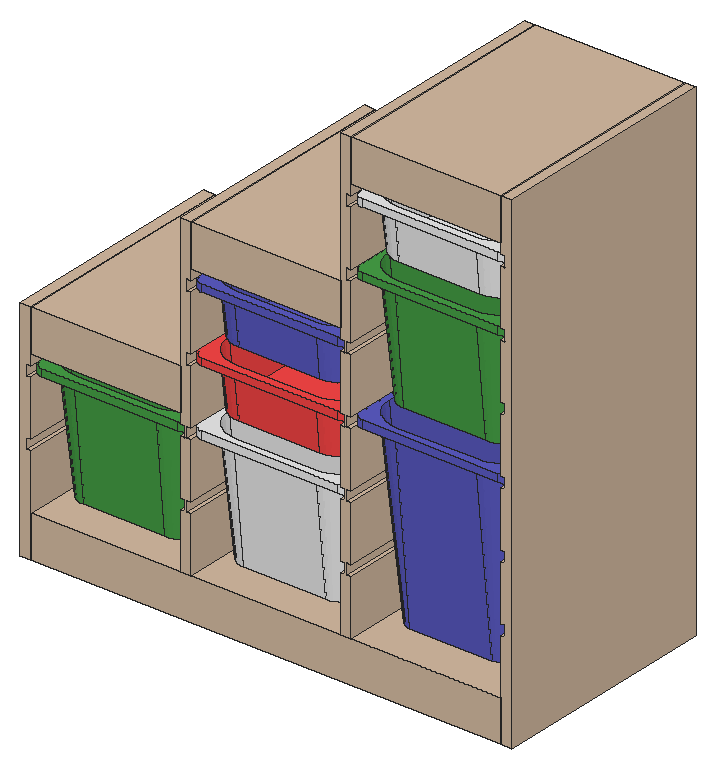
Revit family "TROFAST_StorageCombination-2(with boxes)", category Furniture, Revit 2013
Parameters
  IKEA_Wood-White = IKEA-Wood-1
Reference planes
  plane 1 "Center (Front/Back)": y = 0
  plane 2: z = 0
  plane 3 "Center (Left/Right)": x = 0
  plane 4: x = -470
  plane 5: x = 470
  plane 6: y = -440
  plane 7: z = 940
  plane 8: z = 840
  plane 9: z = 713.333
  plane 10: z = 586.667
  plane 11: z = 460
  plane 12: z = 333.333
  plane 13: z = 206.667
  plane 14: z = 80
  plane 15: x = -306.67
  plane 16: x = 306.67
  plane 17: y = -220
  plane 18: x = -163.34
  plane 19: x = 163.34
  plane 20: x = -450
  plane 21: x = 450
Forms (mm)
  Extrusion 1, solid, material "IKEA-Wood-1" <- "IKEA_Wood-White"
    sketch origin (0, 0, 0) x (1, 0, 0) y (0, 0, 1)
      loop
        line (470, 940) -> (450, 940) -> (450, 0) -> (470, 0) -> (470, 940)
    from 0 to 440
  Extrusion 2, solid, material "IKEA-Wood-1" <- "IKEA_Wood-White"
    sketch origin (0, 0, 0) x (-1, 0, 0) y (0, 0, -1)
      loop
        line (470, -433.333) -> (470, 0) -> (450, 0) -> (450, -433.333) -> (470, -433.333)
    from 0 to 440
  Extrusion 3, solid, material "IKEA-Wood-1" <- "IKEA_Wood-White"
    sketch origin (336.66, 0, 0) x (-1, 0, 0) y (0, 0, -1)
      loop
        line (500, -686.667) -> (500, -80) -> (480, -80) -> (480, -686.667) -> (500, -686.667)
    from 0 to 440
  Extrusion 4, solid, material "IKEA-Wood-1" <- "IKEA_Wood-White"
    sketch origin (648.34, 0, 0) x (-1, 0, 0) y (0, 0, -1)
      loop
        line (505, -940) -> (505, -80) -> (485, -80) -> (485, -940) -> (505, -940)
    from 0 to 440
  Extrusion 5, solid, material "IKEA-Wood-1" <- "IKEA_Wood-White"
    sketch origin (-40, 0, 0) x (1, 0, 0) y (0, 0, 1)
      loop
        line (203.34, 940) -> (203.34, 920) -> (490, 920) -> (490, 940) -> (203.34, 940)
    from 0 to 440
  Extrusion 6, solid, material "IKEA-Wood-1" <- "IKEA_Wood-White"
    sketch origin (-40, 0, -860) x (1, 0, 0) y (0, 0, 1)
      loop
        line (-410, 940) -> (-410, 920) -> (490, 920) -> (490, 940) -> (-410, 940)
    from 0 to 440
  Extrusion 7, solid, material "IKEA-Wood-1" <- "IKEA_Wood-White"
    sketch origin (0, -440, 0) x (-1, 0, 0) y (0, 0, -1)
      loop
        line (450, -60) -> (450, 0) -> (-450, 0) -> (-450, -60) -> (450, -60)
    from 0 to -20
  Extrusion 8, solid, material "IKEA-Wood-1" <- "IKEA_Wood-White"
    sketch origin (0, -440, 1366.667) x (-1, 0, 0) y (0, 0, -1)
      loop
        line (-163.34, 446.667) -> (-163.34, 506.667) -> (-450, 506.667) -> (-450, 446.667) -> (-163.34, 446.667)
    from 0 to -20
  Extrusion 9, solid, material "IKEA-Wood-1" <- "IKEA_Wood-White"
    sketch origin (-366.68, 0, -253.333) x (1, 0, 0) y (0, 0, 1)
      loop
        line (223.34, 940) -> (223.34, 920) -> (510.02, 920) -> (510.02, 940) -> (223.34, 940)
    from 0 to 440
  Extrusion 10, solid, material "IKEA-Wood-1" <- "IKEA_Wood-White"
    sketch origin (-326.68, -440, 1113.333) x (-1, 0, 0) y (0, 0, -1)
      loop
        line (-183.34, 446.667) -> (-183.34, 506.667) -> (-470.04, 506.667) -> (-470.04, 446.667) -> (-183.34, 446.667)
    from 0 to -20
  Extrusion 11, solid, material "IKEA-Wood-1" <- "IKEA_Wood-White"
    sketch origin (-693.34, 0, -506.667) x (1, 0, 0) y (0, 0, 1)
      loop
        line (243.34, 940) -> (243.34, 920) -> (530, 920) -> (530, 940) -> (243.34, 940)
    from 0 to 440
  Extrusion 12, solid, material "IKEA-Wood-1" <- "IKEA_Wood-White"
    sketch origin (-653.34, -440, 353.333) x (-1, 0, 0) y (0, 0, -1)
      loop
        line (-203.34, -60) -> (-203.34, 0) -> (-490, 0) -> (-490, -60) -> (-203.34, -60)
    from 0 to -20
  Extrusion 13, void
    sketch origin (0, 0, -126.667) x (1, 0, 0) y (0, 0, 1)
      loop
        line (-458, 333.333) -> (-458, 313.333) -> (-450, 313.333) -> (-450, 333.333) -> (-458, 333.333)
    from 0 to 440
  Extrusion 14, void
    sketch origin (0, 0, 0) x (1, 0, 0) y (0, 0, 1)
      loop
        line (-458, 333.333) -> (-458, 313.333) -> (-450, 313.333) -> (-450, 333.333) -> (-458, 333.333)
    from 0 to 440
  Extrusion 15, void
    sketch origin (301.66, 0, -126.667) x (1, 0, 0) y (0, 0, 1)
      loop
        line (-453, 333.333) -> (-453, 313.333) -> (-445, 313.333) -> (-445, 333.333) -> (-453, 333.333)
    from 0 to 440
  Extrusion 16, void
    sketch origin (301.66, 0, 126.667) x (1, 0, 0) y (0, 0, 1)
      loop
        line (-453, 333.333) -> (-453, 313.333) -> (-445, 313.333) -> (-445, 333.333) -> (-453, 333.333)
    from 0 to 440
  Extrusion 17, void
    sketch origin (301.66, 0, 253.333) x (1, 0, 0) y (0, 0, 1)
      loop
        line (-453, 333.333) -> (-453, 313.333) -> (-445, 313.333) -> (-445, 333.333) -> (-453, 333.333)
    from 0 to 440
  Extrusion 18, void
    sketch origin (606.34, 0, -126.667) x (1, 0, 0) y (0, 0, 1)
      loop
        line (-463, 333.333) -> (-463, 313.333) -> (-455, 313.333) -> (-455, 333.333) -> (-463, 333.333)
    from 0 to 440
  Extrusion 19, void
    sketch origin (618.34, 0, 380) x (1, 0, 0) y (0, 0, 1)
      loop
        line (-463, 333.333) -> (-463, 313.333) -> (-455, 313.333) -> (-455, 333.333) -> (-463, 333.333)
    from 0 to 440
  Extrusion 20, void
    sketch origin (618.34, 0, 506.667) x (1, 0, 0) y (0, 0, 1)
      loop
        line (-463, 333.333) -> (-463, 313.333) -> (-455, 313.333) -> (-455, 333.333) -> (-463, 333.333)
    from 0 to 440
  Extrusion 21, void
    sketch origin (5, 0, 0) x (1, 0, 0) y (0, 0, 1)
      loop
        line (-168.34, 206.667) -> (-168.34, 186.667) -> (-160.34, 186.667) -> (-160.34, 206.667) -> (-168.34, 206.667)
    from 0 to 440
  Extrusion 22, void
    sketch origin (5, 0, 0) x (1, 0, 0) y (0, 0, 1)
      loop
        line (-168.34, 333.333) -> (-168.34, 313.333) -> (-160.34, 313.333) -> (-160.34, 333.333) -> (-168.34, 333.333)
    from 0 to 440
  Extrusion 23, void
    sketch origin (5, 0, 0) x (1, 0, 0) y (0, 0, 1)
      loop
        line (-156.34, 333.333) -> (-156.34, 313.333) -> (-148.34, 313.333) -> (-148.34, 333.333) -> (-156.34, 333.333)
    from 0 to 440
  Extrusion 24, void
    sketch origin (2, 0, 0) x (1, 0, 0) y (0, 0, 1)
      loop
        line (153.34, 206.667) -> (153.34, 186.667) -> (161.34, 186.667) -> (161.34, 206.667) -> (153.34, 206.667)
    from 0 to 440
  Extrusion 25, void
    sketch origin (2, 0, 0) x (1, 0, 0) y (0, 0, 1)
      loop
        line (153.34, 333.333) -> (153.34, 313.333) -> (161.34, 313.333) -> (161.34, 333.333) -> (153.34, 333.333)
    from 0 to 440
  Extrusion 26, void
    sketch origin (2, 0, 0) x (1, 0, 0) y (0, 0, 1)
      loop
        line (153.34, 460) -> (153.34, 440) -> (161.34, 440) -> (161.34, 460) -> (153.34, 460)
    from 0 to 440
  Extrusion 27, void
    sketch origin (2, 0, 0) x (1, 0, 0) y (0, 0, 1)
      loop
        line (153.34, 586.667) -> (153.34, 566.667) -> (161.34, 566.667) -> (161.34, 586.667) -> (153.34, 586.667)
    from 0 to 440
  Extrusion 28, void
    sketch origin (0, 0, 0) x (1, 0, 0) y (0, 0, 1)
      loop
        line (450, 333.333) -> (450, 313.333) -> (458, 313.333) -> (458, 333.333) -> (450, 333.333)
    from 0 to 440
  Extrusion 29, void
    sketch origin (0, 0, 0) x (1, 0, 0) y (0, 0, 1)
      loop
        line (450, 206.667) -> (450, 186.667) -> (458, 186.667) -> (458, 206.667) -> (450, 206.667)
    from 0 to 440
  Extrusion 30, void
    sketch origin (-17, 0, 0) x (1, 0, 0) y (0, 0, 1)
      loop
        line (168.34, 313.333) -> (168.34, 333.333) -> (160.34, 333.333) -> (160.34, 313.333) -> (168.34, 313.333)
    from 0 to 440
  Extrusion 31, void
    sketch origin (0, 0, 0) x (1, 0, 0) y (0, 0, 1)
      loop
        line (450, 460) -> (450, 440) -> (458, 440) -> (458, 460) -> (450, 460)
    from 0 to 440
  Extrusion 32, void
    sketch origin (-17, 0, 0) x (1, 0, 0) y (0, 0, 1)
      loop
        line (160.34, 460) -> (160.34, 440) -> (168.34, 440) -> (168.34, 460) -> (160.34, 460)
    from 0 to 440
  Extrusion 33, void
    sketch origin (-17, 0, 126.667) x (1, 0, 0) y (0, 0, 1)
      loop
        line (160.34, 460) -> (160.34, 440) -> (168.34, 440) -> (168.34, 460) -> (160.34, 460)
    from 0 to 440
  Extrusion 34, void
    sketch origin (0, 0, 126.667) x (1, 0, 0) y (0, 0, 1)
      loop
        line (450, 460) -> (450, 440) -> (458, 440) -> (458, 460) -> (450, 460)
    from 0 to 440
  Extrusion 35, void
    sketch origin (0, 0, 253.333) x (1, 0, 0) y (0, 0, 1)
      loop
        line (450, 460) -> (450, 440) -> (458, 440) -> (458, 460) -> (450, 460)
    from 0 to 440
  Extrusion 36, void
    sketch origin (0, 0, 380) x (1, 0, 0) y (0, 0, 1)
      loop
        line (450, 460) -> (450, 440) -> (458, 440) -> (458, 460) -> (450, 460)
    from 0 to 440
Cuts and joins
  Extrusion 13, Extrusion 14 cuts Extrusion 2
  Extrusion 15, Extrusion 16, Extrusion 17, Extrusion 21, Extrusion 22, Extrusion 23 cuts Extrusion 3
  Extrusion 18, Extrusion 19, Extrusion 20, Extrusion 24, Extrusion 25, Extrusion 26, Extrusion 27, Extrusion 30, Extrusion 32, Extrusion 33 cuts Extrusion 4
  Extrusion 28, Extrusion 29, Extrusion 31, Extrusion 34, Extrusion 35, Extrusion 36 cuts Extrusion 1
  joined: Extrusion 5, Extrusion 8
  joined: Extrusion 9, Extrusion 10
  joined: Extrusion 11, Extrusion 12
  joined: Extrusion 6, Extrusion 7
Dimensions and locks
  plane 4 to plane 3 "Center (Left/Right)" to plane 5 = 470 mm, 470 mm
  plane 6 to plane 1 "Center (Front/Back)" = 440 mm
  plane 7 to level = 940 mm
  equal spacing: plane 8, plane 9, plane 10, plane 11, plane 12, plane 13, plane 14
  Extrusion 3 to plane 15 to cut or joined group of Extrusion 2, Extrusion 13, Extrusion 14 = 143.33 mm, 143.33 mm
  Extrusion 4 to plane 3 "Center (Left/Right)" to Extrusion 3 = 143.34 mm, 143.34 mm
  Extrusion 1 to plane 16 to Extrusion 4 = 143.33 mm, 143.33 mm
  plane 5 to plane 4 = 940 mm
  plane 5 to plane 21 to plane 19 to cut or joined group of Extrusion 4, Extrusion 18, Extrusion 19, Extrusion 20, Extrusion 24, Extrusion 25, Extrusion 26, Extrusion 27, Extrusion 30, Extrusion 32, Extrusion 33 to cut or joined group of Extrusion 3, Extrusion 15, Extrusion 16, Extrusion 17, Extrusion 21, Extrusion 22, Extrusion 23 to plane 18 to plane 20 to plane 4 = 20 mm, 286.66 mm, 20 mm, 286.68 mm, 20 mm, 286.66 mm, 20 mm
  aligned and locked: level to plane 2
  aligned and locked: Extrusion 1 to plane 6
  aligned and locked: Extrusion 9 to Extrusion 3
  aligned and locked: Extrusion 11 to Extrusion 2
Automatic sketch dimensions
  Extrusion 1 sketch curve to plane 7 = 0 mm
  Extrusion 1 sketch curve to level = 0 mm
  Extrusion 1 sketch curve to plane 5 = 0 mm
  Extrusion 1 sketch curve to Extrusion 1 sketch curve = 20 mm
  Extrusion 2 sketch curve to level = 0 mm
  Extrusion 2 sketch curve to plane 4 = 0 mm
  plane 11 to Extrusion 2 sketch curve = 26.667 mm
  Extrusion 2 sketch curve to Extrusion 2 sketch curve = 20 mm
  Extrusion 3 sketch curve to plane 14 = 0 mm
  plane 9 to Extrusion 3 sketch curve = 26.667 mm
  plane 3 "Center (Left/Right)" to Extrusion 3 sketch curve = 143.34 mm
  Extrusion 3 sketch curve to Extrusion 3 sketch curve = 20 mm
  Extrusion 4 sketch curve to plane 7 = 0 mm
  Extrusion 4 sketch curve to plane 14 = 0 mm
  plane 16 to Extrusion 4 sketch curve = 143.33 mm
  Extrusion 4 sketch curve to Extrusion 4 sketch curve = 20 mm
  Extrusion 5 sketch curve to plane 7 = 0 mm
  Extrusion 5 sketch curve to plane 7 = 20 mm
  Extrusion 5 sketch curve to plane 16 = 143.33 mm
  Extrusion 5 sketch curve to plane 5 = 20 mm
  Extrusion 6 sketch curve to plane 14 = 0 mm
  plane 4 to Extrusion 6 sketch curve = 20 mm
  Extrusion 6 sketch curve to plane 14 = 20 mm
  Extrusion 6 sketch curve to plane 5 = 20 mm
  Extrusion 7 sketch curve to Extrusion 2 = 0 mm  (x2)
  Extrusion 2 to Extrusion 7 sketch curve = 60 mm
  Extrusion 7 sketch curve to Extrusion 2 = 900 mm
  Extrusion 8 sketch curve to Extrusion 2 = 900 mm
  Extrusion 8 sketch curve to Extrusion 2 = 426.667 mm
  Extrusion 8 sketch curve to Extrusion 8 sketch curve = 286.66 mm
  Extrusion 8 sketch curve to Extrusion 8 sketch curve = 60 mm
  Extrusion 9 sketch curve to plane 9 = 46.667 mm
  Extrusion 9 sketch curve to plane 3 "Center (Left/Right)" = 143.34 mm
  Extrusion 9 sketch curve to plane 9 = 26.667 mm
  plane 3 "Center (Left/Right)" to Extrusion 9 sketch curve = 143.34 mm
  Extrusion 10 sketch curve to Extrusion 2 = 233.333 mm
  Extrusion 10 sketch curve to Extrusion 2 = 593.36 mm
  Extrusion 10 sketch curve to Extrusion 2 = 173.333 mm
  Extrusion 10 sketch curve to Extrusion 2 = 306.66 mm
  plane 4 to Extrusion 11 sketch curve = 20 mm
  Extrusion 11 sketch curve to plane 11 = 46.667 mm
  plane 15 to Extrusion 11 sketch curve = 143.33 mm
  Extrusion 11 sketch curve to Extrusion 11 sketch curve = 20 mm
  Extrusion 12 sketch curve to Extrusion 2 = 0 mm
  Extrusion 2 to Extrusion 12 sketch curve = 80 mm
  Extrusion 12 sketch curve to Extrusion 2 = 286.66 mm
  Extrusion 2 to Extrusion 12 sketch curve = 20 mm
  Extrusion 13 sketch curve to plane 13 = 0 mm
  plane 4 to Extrusion 13 sketch curve = 12 mm
  Extrusion 13 sketch curve to plane 13 = 20 mm
  Extrusion 13 sketch curve to Extrusion 13 sketch curve = 8 mm
  Extrusion 14 sketch curve to plane 12 = 0 mm
  plane 4 to Extrusion 14 sketch curve = 12 mm
  Extrusion 14 sketch curve to plane 12 = 20 mm
  Extrusion 14 sketch curve to Extrusion 14 sketch curve = 8 mm
  Extrusion 15 sketch curve to plane 13 = 0 mm
  plane 15 to Extrusion 15 sketch curve = 155.33 mm
  Extrusion 15 sketch curve to plane 13 = 20 mm
  Extrusion 15 sketch curve to Extrusion 15 sketch curve = 8 mm
  Extrusion 16 sketch curve to plane 11 = 0 mm
  plane 15 to Extrusion 16 sketch curve = 155.33 mm
  Extrusion 16 sketch curve to plane 11 = 20 mm
  Extrusion 16 sketch curve to Extrusion 16 sketch curve = 8 mm
  Extrusion 17 sketch curve to plane 10 = 0 mm
  plane 15 to Extrusion 17 sketch curve = 155.33 mm
  Extrusion 17 sketch curve to plane 10 = 20 mm
  Extrusion 17 sketch curve to Extrusion 17 sketch curve = 8 mm
  Extrusion 18 sketch curve to plane 13 = 0 mm
  Extrusion 18 sketch curve to plane 16 = 163.33 mm
  Extrusion 18 sketch curve to plane 13 = 20 mm
  Extrusion 18 sketch curve to Extrusion 18 sketch curve = 8 mm
  Extrusion 19 sketch curve to plane 9 = 0 mm
  Extrusion 19 sketch curve to plane 16 = 151.33 mm
  Extrusion 19 sketch curve to plane 9 = 20 mm
  Extrusion 19 sketch curve to Extrusion 19 sketch curve = 8 mm
  Extrusion 20 sketch curve to plane 8 = 0 mm
  Extrusion 20 sketch curve to plane 16 = 151.33 mm
  Extrusion 20 sketch curve to plane 8 = 20 mm
  Extrusion 20 sketch curve to Extrusion 20 sketch curve = 8 mm
  Extrusion 21 sketch curve to plane 13 = 0 mm
  Extrusion 21 sketch curve to plane 13 = 20 mm
  plane 15 to Extrusion 21 sketch curve = 143.33 mm
  Extrusion 21 sketch curve to Extrusion 21 sketch curve = 8 mm
  Extrusion 22 sketch curve to plane 12 = 0 mm
  Extrusion 22 sketch curve to plane 12 = 20 mm
  plane 15 to Extrusion 22 sketch curve = 143.33 mm
  Extrusion 22 sketch curve to Extrusion 22 sketch curve = 8 mm
  Extrusion 23 sketch curve to plane 12 = 0 mm
  Extrusion 23 sketch curve to plane 12 = 20 mm
  plane 15 to Extrusion 23 sketch curve = 155.33 mm
  Extrusion 23 sketch curve to Extrusion 23 sketch curve = 8 mm
  Extrusion 24 sketch curve to plane 13 = 0 mm
  Extrusion 24 sketch curve to plane 13 = 20 mm
  plane 3 "Center (Left/Right)" to Extrusion 24 sketch curve = 155.34 mm
  Extrusion 24 sketch curve to Extrusion 24 sketch curve = 8 mm
  Extrusion 25 sketch curve to plane 12 = 0 mm
  Extrusion 25 sketch curve to plane 12 = 20 mm
  plane 3 "Center (Left/Right)" to Extrusion 25 sketch curve = 155.34 mm
  Extrusion 25 sketch curve to Extrusion 25 sketch curve = 8 mm
  Extrusion 26 sketch curve to plane 11 = 0 mm
  Extrusion 26 sketch curve to plane 11 = 20 mm
  plane 3 "Center (Left/Right)" to Extrusion 26 sketch curve = 155.34 mm
  Extrusion 26 sketch curve to Extrusion 26 sketch curve = 8 mm
  Extrusion 27 sketch curve to plane 10 = 0 mm
  Extrusion 27 sketch curve to plane 10 = 20 mm
  plane 3 "Center (Left/Right)" to Extrusion 27 sketch curve = 155.34 mm
  Extrusion 27 sketch curve to Extrusion 27 sketch curve = 8 mm
  Extrusion 28 sketch curve to plane 12 = 0 mm
  Extrusion 28 sketch curve to plane 5 = 20 mm
  Extrusion 28 sketch curve to plane 12 = 20 mm
  Extrusion 28 sketch curve to Extrusion 28 sketch curve = 8 mm
  Extrusion 29 sketch curve to plane 13 = 0 mm
  Extrusion 29 sketch curve to plane 5 = 20 mm
  Extrusion 29 sketch curve to plane 13 = 20 mm
  Extrusion 29 sketch curve to Extrusion 29 sketch curve = 8 mm
  Extrusion 30 sketch curve to plane 12 = 0 mm
  Extrusion 30 sketch curve to plane 16 = 163.33 mm
  Extrusion 30 sketch curve to plane 12 = 20 mm
  Extrusion 30 sketch curve to Extrusion 30 sketch curve = 8 mm
  Extrusion 31 sketch curve to plane 11 = 0 mm
  Extrusion 31 sketch curve to plane 5 = 20 mm
  Extrusion 31 sketch curve to plane 11 = 20 mm
  Extrusion 31 sketch curve to Extrusion 31 sketch curve = 8 mm
  Extrusion 32 sketch curve to plane 11 = 0 mm
  Extrusion 32 sketch curve to plane 11 = 20 mm
  Extrusion 32 sketch curve to plane 16 = 163.33 mm
  Extrusion 32 sketch curve to Extrusion 32 sketch curve = 8 mm
  Extrusion 33 sketch curve to plane 10 = 0 mm
  Extrusion 33 sketch curve to plane 10 = 20 mm
  Extrusion 33 sketch curve to plane 16 = 163.33 mm
  Extrusion 33 sketch curve to Extrusion 33 sketch curve = 8 mm
  Extrusion 34 sketch curve to plane 10 = 0 mm
  Extrusion 34 sketch curve to plane 5 = 20 mm
  Extrusion 34 sketch curve to plane 10 = 20 mm
  Extrusion 34 sketch curve to Extrusion 34 sketch curve = 8 mm
  Extrusion 35 sketch curve to plane 9 = 0 mm
  Extrusion 35 sketch curve to plane 5 = 20 mm
  Extrusion 35 sketch curve to plane 9 = 20 mm
  Extrusion 35 sketch curve to Extrusion 35 sketch curve = 8 mm
  Extrusion 36 sketch curve to plane 8 = 0 mm
  Extrusion 36 sketch curve to plane 5 = 20 mm
  Extrusion 36 sketch curve to plane 8 = 20 mm
  Extrusion 36 sketch curve to Extrusion 36 sketch curve = 8 mm
Nested families
  nested 1: "TROFAST_StorageBox(42x30x36)" at (306.67, -10, 95), type "White"
  nested 2: "TROFAST_StorageBox(42x30x23)" at (0, -10, 98.333), type "White"
  nested 3: "TROFAST_StorageBox(42x30x23)" at (-306.67, -10, 98.333), type "Green"
  nested 4: "TROFAST_StorageBox(42x30x10)" at (0, -10, 481.667), type "Blue"
  nested 5: "TROFAST_StorageBox(42x30x10)" at (0, -10, 355), type "Red"
  nested 6: "TROFAST_StorageBox(42x30x10)" at (306.68, -10, 735), type "White"
  nested 7: "TROFAST_StorageBox(42x30x23)" at (306.68, -10, 478.333), type "Green"
Definition of nested family "TROFAST_StorageBox(42x30x36)"
  Parameters (values of type "White")
    IKEA_Plastic-Color = IKEA_Plastic Bue
  Types (5, lengths in mm): name | IKEA_Plastic-Color
    (no name) | IKEA_Plastic Bue
    Red | IKEA_Plastic Red
    Blue | IKEA_Plastic Bue
    Green | IKEA_Plastic Green
    White | IKEA_Plastic Bue
  Reference planes
    plane 1 "Center (Front/Back)": y = 0
    plane 2: z = 0
    plane 3 "Center (Left/Right)": x = 0
    plane 4: y = -420
    plane 5: x = -150
    plane 6: x = 150
    plane 7: z = 360
  Forms (mm)
    Extrusion 1, solid, material "IKEA_Plastic Bue" <- "IKEA_Plastic-Color"
      sketch origin (330.781, -1524, 360) x (0, -1, 0) y (-1, 0, 0)
        loop
          arc (-1104, 460.781) -> (-1109.858, 474.923) -> (-1124, 480.781) r 20
          line (-1124, 480.781) -> (-1504, 480.781)
          arc (-1504, 480.781) -> (-1518.142, 474.923) -> (-1524, 460.781) r 20
          line (-1524, 460.781) -> (-1524, 200.781)
          arc (-1524, 200.781) -> (-1518.142, 186.639) -> (-1504, 180.781) r 20
          line (-1504, 180.781) -> (-1124, 180.781)
          arc (-1124, 180.781) -> (-1109.858, 186.639) -> (-1104, 200.781) r 20
          line (-1104, 200.781) -> (-1104, 460.781)
        loop
          arc (-1504, 478.781) -> (-1516.728, 473.509) -> (-1522, 460.781) r 18
          line (-1522, 460.781) -> (-1522, 200.781)
          arc (-1522, 200.781) -> (-1516.728, 188.053) -> (-1504, 182.781) r 18
          line (-1504, 182.781) -> (-1124, 182.781)
          arc (-1124, 182.781) -> (-1111.272, 188.053) -> (-1106, 200.781) r 18
          line (-1106, 200.781) -> (-1106, 460.781)
          arc (-1106, 460.781) -> (-1111.272, 473.509) -> (-1124, 478.781) r 18
          line (-1124, 478.781) -> (-1504, 478.781)
      from 0 to 15
    Extrusion 2, solid, material "IKEA_Plastic Bue" <- "IKEA_Plastic-Color"
      sketch origin (330.781, -1524, 360) x (0, -1, 0) y (-1, 0, 0)
        loop
          line (-1522, 460.781) -> (-1522, 200.781)
          arc (-1522, 200.781) -> (-1516.728, 188.053) -> (-1504, 182.781) r 18
          line (-1504, 182.781) -> (-1124, 182.781)
          arc (-1124, 182.781) -> (-1111.272, 188.053) -> (-1106, 200.781) r 18
          line (-1106, 200.781) -> (-1106, 460.781)
          arc (-1106, 460.781) -> (-1111.272, 473.509) -> (-1124, 478.781) r 18
          line (-1124, 478.781) -> (-1504, 478.781)
          arc (-1504, 478.781) -> (-1516.728, 473.509) -> (-1522, 460.781) r 18
        loop
          arc (-1452, 468.781) -> (-1494.426, 451.208) -> (-1512, 408.781) r 60
          line (-1512, 408.781) -> (-1512, 252.781)
          arc (-1512, 252.781) -> (-1494.426, 210.355) -> (-1452, 192.781) r 60
          line (-1452, 192.781) -> (-1176, 192.781)
          arc (-1176, 192.781) -> (-1133.574, 210.355) -> (-1116, 252.781) r 60
          line (-1116, 252.781) -> (-1116, 408.781)
          arc (-1116, 408.781) -> (-1133.574, 451.208) -> (-1176, 468.781) r 60
          line (-1176, 468.781) -> (-1452, 468.781)
      from 0 to 2
    Extrusion 3, solid, material "IKEA_Plastic Bue" <- "IKEA_Plastic-Color"
      sketch origin (0, 0, 0) x (1, 0, 0) y (0, 1, 0)
        loop
          line (-100.459, -72) -> (-100.459, -348)
          arc (-100.459, -348) -> (-93.881, -363.881) -> (-78, -370.459) r 22.459
          line (-78, -370.459) -> (78, -370.459)
          arc (78, -370.459) -> (93.881, -363.881) -> (100.459, -348) r 22.459
          line (100.459, -348) -> (100.459, -72)
          arc (100.459, -72) -> (93.881, -56.119) -> (78, -49.541) r 22.459
          line (78, -49.541) -> (-78, -49.541)
          arc (-78, -49.541) -> (-93.881, -56.119) -> (-100.459, -72) r 22.459
      from 0 to 2
    Sweep 4, solid, material "IKEA_Plastic Bue" <- "IKEA_Plastic-Color"
      path origin (330.781, -1524, 360) x (0, -1, 0) y (1, 0, 0)
        loop
          line (-1512, -252.781) -> (-1512, -408.781)
          arc (-1512, -408.781) -> (-1494.426, -451.208) -> (-1452, -468.781) r 60
          line (-1452, -468.781) -> (-1176, -468.781)
          arc (-1176, -468.781) -> (-1133.574, -451.208) -> (-1116, -408.781) r 60
          line (-1116, -408.781) -> (-1116, -252.781)
          arc (-1116, -252.781) -> (-1133.574, -210.355) -> (-1176, -192.781) r 60
          line (-1176, -192.781) -> (-1452, -192.781)
          arc (-1452, -192.781) -> (-1494.426, -210.355) -> (-1512, -252.781) r 60
      profile origin (0, -12, 360) x (0, -1, 0) y (0, 0, 1)
        loop
          line (0, -2) -> (36.531, -360) -> (38.541, -360) -> (1.806, 0) -> (0, 0) -> (0, -2)
  Cuts and joins
    joined: Extrusion 1, Extrusion 2, Extrusion 3, Sweep 4
  Dimensions and locks
    plane 5 to plane 3 "Center (Left/Right)" to plane 6 = 150 mm, 150 mm
    plane 4 to plane 1 "Center (Front/Back)" = 420 mm
    plane 7 to level = 360 mm
    aligned and locked: level to plane 2
Definition of nested family "TROFAST_StorageBox(42x30x23)"
  Parameters (values of type "Red")
    IKEA_Plastic-Color = IKEA_Plastic Red
  Types (5, lengths in mm): name | IKEA_Plastic-Color
    (no name) | IKEA_Plastic Red
    Red | IKEA_Plastic Red
    Blue | IKEA_Plastic Bue
    White | IKEA_Plastic White
    Green | IKEA_Plastic Green
  Reference planes
    plane 1 "Center (Front/Back)": y = 0
    plane 2: z = 0
    plane 3 "Center (Left/Right)": x = 0
    plane 4: y = -420
    plane 5: x = -150
    plane 6: x = 150
    plane 7: z = 230
  Forms (mm)
    Extrusion 1, solid, material "IKEA_Plastic Red" <- "IKEA_Plastic-Color"
      sketch origin (330.781, -1524, 230) x (0, -1, 0) y (-1, 0, 0)
        loop
          arc (-1104, 460.781) -> (-1109.858, 474.923) -> (-1124, 480.781) r 20
          line (-1124, 480.781) -> (-1504, 480.781)
          arc (-1504, 480.781) -> (-1518.142, 474.923) -> (-1524, 460.781) r 20
          line (-1524, 460.781) -> (-1524, 200.781)
          arc (-1524, 200.781) -> (-1518.142, 186.639) -> (-1504, 180.781) r 20
          line (-1504, 180.781) -> (-1124, 180.781)
          arc (-1124, 180.781) -> (-1109.858, 186.639) -> (-1104, 200.781) r 20
          line (-1104, 200.781) -> (-1104, 460.781)
        loop
          arc (-1504, 478.781) -> (-1516.728, 473.509) -> (-1522, 460.781) r 18
          line (-1522, 460.781) -> (-1522, 200.781)
          arc (-1522, 200.781) -> (-1516.728, 188.053) -> (-1504, 182.781) r 18
          line (-1504, 182.781) -> (-1124, 182.781)
          arc (-1124, 182.781) -> (-1111.272, 188.053) -> (-1106, 200.781) r 18
          line (-1106, 200.781) -> (-1106, 460.781)
          arc (-1106, 460.781) -> (-1111.272, 473.509) -> (-1124, 478.781) r 18
          line (-1124, 478.781) -> (-1504, 478.781)
      from 0 to 15
    Extrusion 2, solid, material "IKEA_Plastic Red" <- "IKEA_Plastic-Color"
      sketch origin (330.781, -1524, 230) x (0, -1, 0) y (-1, 0, 0)
        loop
          line (-1522, 460.781) -> (-1522, 200.781)
          arc (-1522, 200.781) -> (-1516.728, 188.053) -> (-1504, 182.781) r 18
          line (-1504, 182.781) -> (-1124, 182.781)
          arc (-1124, 182.781) -> (-1111.272, 188.053) -> (-1106, 200.781) r 18
          line (-1106, 200.781) -> (-1106, 460.781)
          arc (-1106, 460.781) -> (-1111.272, 473.509) -> (-1124, 478.781) r 18
          line (-1124, 478.781) -> (-1504, 478.781)
          arc (-1504, 478.781) -> (-1516.728, 473.509) -> (-1522, 460.781) r 18
        loop
          arc (-1452, 468.781) -> (-1494.426, 451.208) -> (-1512, 408.781) r 60
          line (-1512, 408.781) -> (-1512, 252.781)
          arc (-1512, 252.781) -> (-1494.426, 210.355) -> (-1452, 192.781) r 60
          line (-1452, 192.781) -> (-1176, 192.781)
          arc (-1176, 192.781) -> (-1133.574, 210.355) -> (-1116, 252.781) r 60
          line (-1116, 252.781) -> (-1116, 408.781)
          arc (-1116, 408.781) -> (-1133.574, 451.208) -> (-1176, 468.781) r 60
          line (-1176, 468.781) -> (-1452, 468.781)
      from 0 to 2
    Extrusion 3, solid, material "IKEA_Plastic Red" <- "IKEA_Plastic-Color"
      sketch origin (0, 0, 0) x (1, 0, 0) y (0, 1, 0)
        loop
          line (-113.928, -72) -> (-113.928, -348)
          arc (-113.928, -348) -> (-103.405, -373.405) -> (-78, -383.928) r 35.928
          line (-78, -383.928) -> (78, -383.928)
          arc (78, -383.928) -> (103.405, -373.405) -> (113.928, -348) r 35.928
          line (113.928, -348) -> (113.928, -72)
          arc (113.928, -72) -> (103.405, -46.595) -> (78, -36.072) r 35.928
          line (78, -36.072) -> (-78, -36.072)
          arc (-78, -36.072) -> (-103.405, -46.595) -> (-113.928, -72) r 35.928
      from 0 to 2
    Sweep 4, solid, material "IKEA_Plastic Red" <- "IKEA_Plastic-Color"
      path origin (330.781, -1524, 230) x (0, -1, 0) y (1, 0, 0)
        loop
          line (-1512, -252.781) -> (-1512, -408.781)
          arc (-1512, -408.781) -> (-1494.426, -451.208) -> (-1452, -468.781) r 60
          line (-1452, -468.781) -> (-1176, -468.781)
          arc (-1176, -468.781) -> (-1133.574, -451.208) -> (-1116, -408.781) r 60
          line (-1116, -408.781) -> (-1116, -252.781)
          arc (-1116, -252.781) -> (-1133.574, -210.355) -> (-1176, -192.781) r 60
          line (-1176, -192.781) -> (-1452, -192.781)
          arc (-1452, -192.781) -> (-1494.426, -210.355) -> (-1512, -252.781) r 60
      profile origin (0, -12, 230) x (0, -1, 0) y (0, 0, 1)
        loop
          line (0, -2) -> (23.265, -230) -> (25.276, -230) -> (1.806, 0) -> (0, 0) -> (0, -2)
  Cuts and joins
    joined: Extrusion 1, Extrusion 2, Extrusion 3, Sweep 4
  Dimensions and locks
    plane 5 to plane 3 "Center (Left/Right)" to plane 6 = 150 mm, 150 mm
    plane 4 to plane 1 "Center (Front/Back)" = 420 mm
    plane 7 to level = 230 mm
    aligned and locked: level to plane 2
Definition of nested family "TROFAST_StorageBox(42x30x10)"
  Parameters (values of type "White")
    IKEA_Plastic-Color = IKEA_Plastic White
  Types (5, lengths in mm): name | IKEA_Plastic-Color
    (no name) | IKEA_Plastic White
    Red | IKEA_Plastic Red
    Blue | IKEA_Plastic Bue
    Green | IKEA_Plastic Green
    White | IKEA_Plastic White
  Reference planes
    plane 1 "Center (Front/Back)": y = 0
    plane 2: z = 0
    plane 3 "Center (Left/Right)": x = 0
    plane 4: y = -420
    plane 5: x = -150
    plane 6: x = 150
    plane 7: z = 100
  Forms (mm)
    Extrusion 1, solid, material "IKEA_Plastic White" <- "IKEA_Plastic-Color"
      sketch origin (330.781, -1524, 100) x (0, -1, 0) y (-1, 0, 0)
        loop
          arc (-1104, 460.781) -> (-1109.858, 474.923) -> (-1124, 480.781) r 20
          line (-1124, 480.781) -> (-1504, 480.781)
          arc (-1504, 480.781) -> (-1518.142, 474.923) -> (-1524, 460.781) r 20
          line (-1524, 460.781) -> (-1524, 200.781)
          arc (-1524, 200.781) -> (-1518.142, 186.639) -> (-1504, 180.781) r 20
          line (-1504, 180.781) -> (-1124, 180.781)
          arc (-1124, 180.781) -> (-1109.858, 186.639) -> (-1104, 200.781) r 20
          line (-1104, 200.781) -> (-1104, 460.781)
        loop
          arc (-1504, 478.781) -> (-1516.728, 473.509) -> (-1522, 460.781) r 18
          line (-1522, 460.781) -> (-1522, 200.781)
          arc (-1522, 200.781) -> (-1516.728, 188.053) -> (-1504, 182.781) r 18
          line (-1504, 182.781) -> (-1124, 182.781)
          arc (-1124, 182.781) -> (-1111.272, 188.053) -> (-1106, 200.781) r 18
          line (-1106, 200.781) -> (-1106, 460.781)
          arc (-1106, 460.781) -> (-1111.272, 473.509) -> (-1124, 478.781) r 18
          line (-1124, 478.781) -> (-1504, 478.781)
      from 0 to 15
    Extrusion 2, solid, material "IKEA_Plastic White" <- "IKEA_Plastic-Color"
      sketch origin (330.781, -1524, 100) x (0, -1, 0) y (-1, 0, 0)
        loop
          line (-1522, 460.781) -> (-1522, 200.781)
          arc (-1522, 200.781) -> (-1516.728, 188.053) -> (-1504, 182.781) r 18
          line (-1504, 182.781) -> (-1124, 182.781)
          arc (-1124, 182.781) -> (-1111.272, 188.053) -> (-1106, 200.781) r 18
          line (-1106, 200.781) -> (-1106, 460.781)
          arc (-1106, 460.781) -> (-1111.272, 473.509) -> (-1124, 478.781) r 18
          line (-1124, 478.781) -> (-1504, 478.781)
          arc (-1504, 478.781) -> (-1516.728, 473.509) -> (-1522, 460.781) r 18
        loop
          arc (-1452, 468.781) -> (-1494.426, 451.208) -> (-1512, 408.781) r 60
          line (-1512, 408.781) -> (-1512, 252.781)
          arc (-1512, 252.781) -> (-1494.426, 210.355) -> (-1452, 192.781) r 60
          line (-1452, 192.781) -> (-1176, 192.781)
          arc (-1176, 192.781) -> (-1133.574, 210.355) -> (-1116, 252.781) r 60
          line (-1116, 252.781) -> (-1116, 408.781)
          arc (-1116, 408.781) -> (-1133.574, 451.208) -> (-1176, 468.781) r 60
          line (-1176, 468.781) -> (-1452, 468.781)
      from 0 to 2
    Extrusion 3, solid, material "IKEA_Plastic White" <- "IKEA_Plastic-Color"
      sketch origin (0, 0, 0) x (1, 0, 0) y (0, 1, 0)
        loop
          arc (-78, -22) -> (-113.355, -36.645) -> (-128, -72) r 50
          line (-128, -72) -> (-128, -348)
          arc (-128, -348) -> (-113.355, -383.355) -> (-78, -398) r 50
          line (-78, -398) -> (78, -398)
          arc (78, -398) -> (113.355, -383.355) -> (128, -348) r 50
          line (128, -348) -> (128, -72)
          arc (128, -72) -> (113.355, -36.645) -> (78, -22) r 50
          line (78, -22) -> (-78, -22)
      from 0 to 2
    Sweep 4, solid, material "IKEA_Plastic White" <- "IKEA_Plastic-Color"
      path origin (330.781, -1524, 100) x (0, -1, 0) y (1, 0, 0)
        loop
          line (-1512, -252.781) -> (-1512, -408.781)
          arc (-1512, -408.781) -> (-1494.426, -451.208) -> (-1452, -468.781) r 60
          line (-1452, -468.781) -> (-1176, -468.781)
          arc (-1176, -468.781) -> (-1133.574, -451.208) -> (-1116, -408.781) r 60
          line (-1116, -408.781) -> (-1116, -252.781)
          arc (-1116, -252.781) -> (-1133.574, -210.355) -> (-1176, -192.781) r 60
          line (-1176, -192.781) -> (-1452, -192.781)
          arc (-1452, -192.781) -> (-1494.426, -210.355) -> (-1512, -252.781) r 60
      profile origin (0, -12, 100) x (0, -1, 0) y (0, 0, 1)
        loop
          line (0, -2) -> (10, -100) -> (12.01, -100) -> (1.806, 0) -> (0, 0) -> (0, -2)
  Cuts and joins
    joined: Extrusion 1, Extrusion 2, Extrusion 3, Sweep 4
  Dimensions and locks
    plane 5 to plane 3 "Center (Left/Right)" to plane 6 = 150 mm, 150 mm
    plane 4 to plane 1 "Center (Front/Back)" = 420 mm
    plane 7 to level = 100 mm
    aligned and locked: level to plane 2
